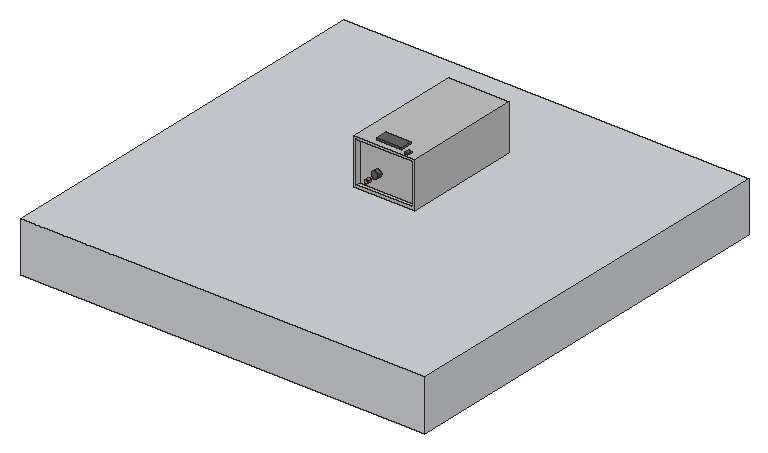
Revit family "Паровой увлажнитель Carel (1 кг-ч - 18 кг-ч)", category Оборудование, Revit 2022
Family settings
  Основа = Грань
  Размер круглого соединителя = Использовать радиус
  Тип детали = Нормальный
  Номер OmniClass = 23.75.50.17.21
  Заголовок OmniClass = Air Humidifiers
  При загрузке вырезать с полостями = Нет
  Сохранять ориентацию аннотаций = Нет
  Общий = Нет
  Точка принадлежности помещению = Нет
Parameters (values of type "UE001")
  Water Pressure Drop [instance] = 0.00 kPa
  Water Flow [instance] = 0.00 m³/h
  Water Fitting Material = Copper - Carel
  Water Fill Vertical Offset = 52.578 mm
  Water Fill Horizontal Offset = 72.644 mm
  Water Fill Connection Radius = Water Connection Size / 2  # 10.00 mm
  Water Drain Vertical Offset = 107.442 mm
  Water Drain Horizontal Offset = 125.476 mm
  Water Drain Connection Radius = Drain Connection NPT / 2  # 20.00 mm
  Water Connection Size = 20.00 mm
  Volume = 0.00 L
  Voltage [instance] = 230 V
  Version = 1
  URL = "http://www.carel.com/"
  Thomas Enterprise Solutions URL = "www.thomasenterprisesolutions.com/"
  Switch Width = 16.47 mm
  Switch Vertical Offset = 31.75 mm
  Switch Horizontal Offset = 63.50 mm
  Switch Height = 25.40 mm
  Switch Depth = 6.35 mm
  Steam Outlet Vertical Offset = 137.922 mm
  Steam Outlet Material = Stainless Steel - Carel
  Steam Outlet Horizontal Offset = 127.00 mm
  Steam Connection Size = 25.00 mm
  Steam Connection Radius = Steam Connection Size / 2  # 12.50 mm
  Steam Capacity (lb/hr) [instance] = 0
  Steam Application [instance] = ""
  Series = "humiSteam"
  Product Page URL = "http://www.carelusa.com/humisteamUEX.htm"
  Phase [instance] = 1
  Overall Width = 274.32 mm
  Overall Length = 365.76 mm
  Overall Height = 711.20 mm
  Operating Weight = 41.90 lbf
  Number of Poles [instance] = 2
  Группа модели = "UE001"
  Model = "UE001"
  Minimum Steam Capacity (lb/hr) = 0.66
  Minimum Operating Temperature = 1.00 °C
  Maximum Working Pressure = 799.792 kPa
  Maximum Steam Capacity (lb/hr) = 3.3
  Maximum Operating Temperature = 40.00 °C
  Изготовитель = "CAREL"  # constant formula
  Load Classification = HVAC
  Full Load Amps [instance] = Apparent Power / Voltage  # 4.78261 A
  Frequency = 60 Hz
  Entering Water Temperature [instance] = -17.778 °C
  Enclosure Recess Width = Overall Width - 25.40 mm  # 248.92 mm
  Enclosure Recess Length = Overall Length - 25.40 mm  # 340.36 mm
  Enclosure Recess Depth = 25.40 mm
  Enclosure Material = Plastic - Carel - Gray
  ENGworks URL = "http://www.ENGworks.com/"
  Drain Flow [instance] = 0.00 m³/h
  Drain Connection NPT = 40.00 mm
  Описание = "Immersed Electrode Humidifier"
  Default Elevation = 1219.20 mm
  Description = "Immersed Electrode Humidifier"
  Cooling Water Flow [instance] = 0.00 m³/h
  Control Panel Vertical Offset = Overall Height * 0.1  # 71.12 mm
  Control Panel Material = Plastic - Carel - Black
  Control Panel Length = 150.019 mm
  Control Panel Height = 70.048 mm
  Control Panel Depth = 12.70 mm
  Condensate Connection Vertical Offset = 21.59 mm
  Condensate Connection Size = 32.00 mm
  Condensate Connection Radius = Condensate Connection Size / 2  # 16.00 mm
  Condensate Connection Horizontal Offset = 224.028 mm
  Condensate Connection Height = 25.40 mm
  Код по классификатору = "D3090200"
  Apparent Power [instance] = 1.1 kW
Types (9, lengths in mm): name | Steam Connection Size | Steam Connection Radius | Operating Weight | Model | Minimum Steam Capacity (lb/hr) | Maximum Steam Capacity (lb/hr) | Full Load Amps | Apparent Power
  (no name) | 25.00 | 12.50 | 41.90 lbf | "UE001" | 0.66 | 3.3 | 4.78261 A | 1.1 kW
  UE001 | 25.00 | 12.50 | 41.90 lbf | "UE001" | 0.66 | 3.3 | 4.78261 A | 1.1 kW
  UE003 | 25.00 | 12.50 | 41.90 lbf | "UE003" | 1.32 | 6.6 | 9.56522 A | 2.2 kW
  UE005 | 32.00 | 16.00 | 41.90 lbf | "UE005" | 2.2 | 11 | 16.087 A | 3.7 kW
  UE008 | 32.00 | 16.00 | 41.90 lbf | "UE008" | 3.52 | 17.6 | 26.087 A | 6 kW
  UE009 | 32.00 | 16.00 | 59.50 lbf | "UE009" | 3.96 | 19.8 | 29.1304 A | 6.7 kW
  UE010 | 32.00 | 16.00 | 59.50 lbf | "UE010" | 4.4 | 22 | 32.6087 A | 7.5 kW
  UE015 | 32.00 | 16.00 | 59.50 lbf | "UE015" | 6.6 | 33 | 48.6957 A | 11.2 kW
  UE018 | 32.00 | 16.00 | 59.50 lbf | "UE018" | 7.94 | 39.7 | 58.6957 A | 13.5 kW
Reference planes
  plane 1 "Center (Front/Back)": y = 0
  plane 2: z = 0
  plane 3 "Center (Left/Right)": x = 0
  plane 4: y = 711.2
  plane 5: x = -182.88
  plane 6: x = 182.88
  plane 7: z = 274.32
  plane 8: y = 25.4
  plane 9: x = -170.18
  plane 10: x = 170.18
  plane 11: z = 137.16
  plane 12: z = 261.62
  plane 13: z = 12.7
  plane 14: y = 685.8
  plane 15: x = -170.18
  plane 16: x = 170.18
  plane 17: z = 137.16
  plane 18: z = 261.62
  plane 19: z = 12.7
  plane 20: z = 287.02
  plane 21: y = 71.12
  plane 22: y = 106.144
  plane 23: y = 36.096
  plane 24: x = -75.009
  plane 25: x = 75.009
  plane 26: z = 280.67
  plane 27: x = 119.38
  plane 28: y = 31.75
  plane 29: y = 44.45
  plane 30: y = 19.05
  plane 31: x = 119.38
  plane 32: x = 111.145
  plane 33: x = 127.615
  plane 34: y = 685.8
  plane 35: x = -55.88
  plane 36: x = -55.88
  plane 37: z = 136.398
  plane 38: y = 685.8
  plane 39: y = 711.2
  plane 40: x = 41.148
  plane 41: x = 41.148
  plane 42: z = 21.59
  plane 43: y = 25.4
  plane 44: x = -110.236
  plane 45: x = -110.236
  plane 46: z = 52.578
  plane 47: y = 25.4
  plane 48: x = -57.404
  plane 49: x = -57.404
  plane 50: z = 107.442
  plane 51: y = 673.1
  plane 52: y = 673.1
Forms (mm)
  Extrusion 1, solid
    sketch origin (0, 0, 0) x (1, 0, 0) y (0, 1, 0)
      loop
        line (-1219.2, 1219.2) -> (-1219.2, -1219.2) -> (1219.2, -1219.2) -> (1219.2, 1219.2) -> (-1219.2, 1219.2)
    from 0 to -304.8
  Sweep 2, solid, material "Plastic - Carel - Gray" <- "Enclosure Material"
    path origin (0, 0, 0) x (1, 0, 0) y (0, 0, 1)
      loop
        line (0, 0) -> (0, 274.32)
    profile origin (0, 0, 137.16) x (-1, 0, 0) y (0, -1, 0)
      loop
        line (182.88, -711.2) -> (182.88, 0) -> (-182.88, 0) -> (-182.88, -711.2) -> (182.88, -711.2)
  Sweep 3, void
    path origin (0, 0, 0) x (1, 0, 0) y (0, 1, 0)
      loop
        line (0, 0) -> (0, 25.4)
    profile origin (0, 12.7, 0) x (-1, 0, 0) y (0, 0, 1)
      loop
        line (170.18, 261.62) -> (-170.18, 261.62) -> (-170.18, 12.7) -> (170.18, 12.7) -> (170.18, 261.62)
  Sweep 4, void
    path origin (0, 0, 0) x (1, 0, 0) y (0, 1, 0)
      loop
        line (0, 685.8) -> (0, 711.2)
    profile origin (0, 698.5, 0) x (-1, 0, 0) y (0, 0, 1)
      loop
        line (170.18, 261.62) -> (-170.18, 261.62) -> (-170.18, 12.7) -> (170.18, 12.7) -> (170.18, 261.62)
  Sweep 5, solid, material "Plastic - Carel - Black" <- "Control Panel Material"
    path origin (0, 0, 0) x (1, 0, 0) y (0, 0, 1)
      loop
        line (0, 274.32) -> (0, 287.02)
    profile origin (0, 0, 280.67) x (-1, 0, 0) y (0, -1, 0)
      loop
        line (75.009, -106.144) -> (75.009, -36.096) -> (-75.009, -36.096) -> (-75.009, -106.144) -> (75.009, -106.144)
  Sweep 6, solid, material "Plastic - Carel - Black" <- "Control Panel Material"
    path origin (0, 0, 0) x (1, 0, 0) y (0, 0, 1)
      loop
        line (119.38, 280.67) -> (119.38, 274.32)
    profile origin (119.38, 0, 277.495) x (0, -1, 0) y (1, 0, 0)
      loop
        line (-44.45, -8.235) -> (-19.05, -8.235) -> (-19.05, 8.235) -> (-44.45, 8.235) -> (-44.45, -8.235)
  Sweep 7, solid, detail levels fine
    path origin (0, 0, 0) x (1, 0, 0) y (0, 1, 0)
      loop
        line (-55.88, 673.1) -> (-55.88, 685.8)
    profile origin (-55.88, 679.45, 0) x (-1, 0, 0) y (0, 0, 1)
      loop
        circle (0, 136.398) r 12.5
  Sweep 8, solid, detail levels fine
    path origin (0, 0, 0) x (1, 0, 0) y (0, 1, 0)
      loop
        line (41.148, 685.8) -> (41.148, 673.1)
    profile origin (41.148, 679.45, 0) x (1, 0, 0) y (0, 0, 1)
      loop
        circle (0, 21.59) r 16
  Sweep 9, solid, material "Copper - Carel" <- "Water Fitting Material"
    path origin (0, 0, 0) x (1, 0, 0) y (0, 1, 0)
      loop
        line (-110.236, 25.4) -> (-110.236, 0)
    profile origin (-110.236, 12.7, 0) x (1, 0, 0) y (0, 0, 1)
      loop
        circle (0, 52.578) r 10
  Sweep 10, solid, material "Plastic - Carel - Black" <- "Control Panel Material"
    path origin (0, 0, 0) x (1, 0, 0) y (0, 1, 0)
      loop
        line (-57.404, 0) -> (-57.404, 25.4)
    profile origin (-57.404, 12.7, 0) x (-1, 0, 0) y (0, 0, 1)
      loop
        circle (0, 107.441) r 20
Cuts and joins
  Sweep 3, Sweep 4 cuts Sweep 2
Dimensions and locks
  "Overall Height": plane 1 "Center (Front/Back)" to plane 4
  equal spacing: plane 5, plane 3 "Center (Left/Right)", plane 6
  "Overall Length": plane 5 to plane 6
  "Overall Width": plane 7 to plane 2
  "Enclosure Recess Depth": plane 1 "Center (Front/Back)" to plane 8
  equal spacing: plane 10, plane 3 "Center (Left/Right)", plane 9
  "Enclosure Recess Length": plane 10 to plane 9
  equal spacing: plane 12, plane 11, plane 13
  equal spacing: plane 7, plane 11, plane 2
  "Enclosure Recess Width": plane 12 to plane 13
  "Enclosure Recess Depth": plane 4 to plane 14
  equal spacing: plane 16, plane 3 "Center (Left/Right)", plane 15
  "Enclosure Recess Length": plane 16 to plane 15
  equal spacing: plane 18, plane 17, plane 19
  equal spacing: plane 7, plane 17, plane 2
  "Enclosure Recess Width": plane 18 to plane 19
  "Control Panel Depth": plane 20 to plane 7
  equal spacing: plane 22, plane 21, plane 23
  "Control Panel Vertical Offset": plane 1 "Center (Front/Back)" to plane 21
  "Control Panel Height": plane 22 to plane 23
  equal spacing: plane 24, plane 3 "Center (Left/Right)", plane 25
  "Control Panel Length": plane 24 to plane 25
  "Switch Depth": plane 26 to plane 7
  "Switch Horizontal Offset": plane 6 to plane 27
  equal spacing: plane 29, plane 28, plane 30
  "Switch Vertical Offset": plane 1 "Center (Front/Back)" to plane 28
  "Switch Height": plane 29 to plane 30
  equal spacing: plane 32, plane 31, plane 33
  "Switch Horizontal Offset": plane 31 to plane 6
  "Switch Width": plane 32 to plane 33
  "Enclosure Recess Depth": plane 4 to plane 34
  "Steam Outlet Horizontal Offset": plane 5 to plane 35
  "Steam Outlet Horizontal Offset": plane 36 to plane 5
  "Steam Outlet Vertical Offset": plane 7 to plane 37
  locked: plane 36 to Sweep 7 sketch curve
  locked: plane 37 to Sweep 7 sketch curve
  "Enclosure Recess Depth": plane 4 to plane 38
  "Condensate Connection Height": plane 39 to plane 38
  "Condensate Connection Horizontal Offset": plane 5 to plane 40
  "Condensate Connection Horizontal Offset": plane 5 to plane 41
  "Condensate Connection Vertical Offset": plane 42 to plane 2
  locked: plane 41 to Sweep 8 sketch curve
  locked: plane 42 to Sweep 8 sketch curve
  "Enclosure Recess Depth": plane 1 "Center (Front/Back)" to plane 43
  "Water Fill Horizontal Offset": plane 5 to plane 44
  "Water Fill Horizontal Offset": plane 45 to plane 5
  "Water Fill Vertical Offset": plane 46 to plane 2
  locked: plane 45 to Sweep 9 sketch curve
  locked: plane 46 to Sweep 9 sketch curve
  "Enclosure Recess Depth": plane 1 "Center (Front/Back)" to plane 47
  "Water Drain Horizontal Offset": plane 5 to plane 48
  "Water Drain Vertical Offset": plane 50 to plane 2
  "Water Drain Horizontal Offset": plane 49 to plane 5
  locked: plane 49 to Sweep 10 sketch curve
  locked: plane 50 to Sweep 10 sketch curve at 0.001
  locked: plane 38 to plane 51 at 12.7
  locked: plane 34 to plane 52 at 12.7
  "Steam Connection Radius": radius of Sweep 7 sketch curve
  "Condensate Connection Radius": radius of Sweep 8 sketch curve
  "Water Fill Connection Radius": radius of Sweep 9 sketch curve
  "Water Drain Connection Radius": radius of Sweep 10 sketch curve
  aligned and locked: plane 2 to Extrusion 1
  aligned and locked: level to Extrusion 1
  aligned and locked: plane 7 to Sweep 2 sketch curve
  aligned and locked: plane 2 to Sweep 2 sketch curve
  aligned and locked: plane 3 "Center (Left/Right)" to Sweep 2 sketch curve
  aligned and locked: plane 5 to Sweep 2 sketch curve
  aligned and locked: Sweep 2 sketch curve to plane 4
  aligned and locked: Sweep 2 sketch curve to plane 6
  aligned and locked: Sweep 2 sketch curve to plane 1 "Center (Front/Back)"
  aligned and locked: plane 1 "Center (Front/Back)" to Sweep 3 sketch curve
  aligned and locked: plane 8 to Sweep 3 sketch curve
  aligned and locked: plane 3 "Center (Left/Right)" to Sweep 3 sketch curve
  aligned and locked: plane 9 to Sweep 3 sketch curve
  aligned and locked: Sweep 3 sketch curve to plane 12
  aligned and locked: Sweep 3 sketch curve to plane 10
  aligned and locked: plane 13 to Sweep 3 sketch curve
  aligned and locked: plane 4 to Sweep 4 sketch curve
  aligned and locked: plane 14 to Sweep 4 sketch curve
  aligned and locked: plane 3 "Center (Left/Right)" to Sweep 4 sketch curve
  aligned and locked: plane 15 to Sweep 4 sketch curve
  aligned and locked: Sweep 4 sketch curve to plane 18
  aligned and locked: Sweep 4 sketch curve to plane 16
  aligned and locked: plane 19 to Sweep 4 sketch curve
  aligned and locked: plane 7 to Sweep 5 sketch curve
  aligned and locked: plane 20 to Sweep 5 sketch curve
  aligned and locked: plane 3 "Center (Left/Right)" to Sweep 5 sketch curve
  aligned and locked: plane 24 to Sweep 5 sketch curve
  aligned and locked: Sweep 5 sketch curve to plane 22
  aligned and locked: Sweep 5 sketch curve to plane 25
  aligned and locked: plane 23 to Sweep 5 sketch curve
  aligned and locked: plane 7 to Sweep 6 sketch curve
  aligned and locked: plane 26 to Sweep 6 sketch curve
  aligned and locked: Sweep 6 sketch curve to plane 27
  aligned and locked: Sweep 6 sketch curve to plane 29
  aligned and locked: plane 32 to Sweep 6 sketch curve
  aligned and locked: Sweep 6 sketch curve to plane 33
  aligned and locked: plane 30 to Sweep 6 sketch curve
  aligned and locked: plane 35 to Sweep 7 sketch curve
  aligned and locked: plane 38 to Sweep 8 sketch curve
  aligned and locked: plane 40 to Sweep 8 sketch curve
  aligned and locked: plane 1 "Center (Front/Back)" to Sweep 9 sketch curve
  aligned and locked: plane 43 to Sweep 9 sketch curve
  aligned and locked: Sweep 9 sketch curve to plane 44
  aligned and locked: plane 47 to Sweep 10 sketch curve
  aligned and locked: plane 1 "Center (Front/Back)" to Sweep 10 sketch curve
  aligned and locked: plane 48 to Sweep 10 sketch curve
  aligned and locked: plane 51 to Sweep 8 sketch curve
  aligned and locked: plane 52 to Sweep 7 sketch curve
  aligned and locked: plane 34 to Sweep 7 sketch curve
Automatic sketch dimensions
  Extrusion 1 sketch curve to Extrusion 1 sketch curve = 2438.40 mm  (x2)
Connectors
  piping at (-110.236, 0, 52.578), diameter 20, driven by "Water Fill Connection Radius", driven by "Water Flow"
    settings: on Sweep 9, index 1, connector inside diameter 19.05 mm, connector length 0.00 mm, flow factor 0, pipe flow 0.00 m³/h, pressure drop 0.00 kPa, fitting loss kfactor 0, connector angle 0.00°, fixture units 0, engagement length 0.00 mm, angle of deflection 0.00°, flow configuration 1, flow direction 1, fitting loss method 4, system type 20, joint type 0, gender type 0, connector reference index -1, connector utility 0, adjustable connector no, is connector primary yes, connector description "Water Inlet Connection"
  piping at (-57.404, 0, 107.441), diameter 40, driven by "Water Drain Connection Radius", driven by "Drain Flow"
    settings: on Sweep 10, index 2, connector inside diameter 40.68 mm, connector length 0.00 mm, flow factor 0, pipe flow 0.00 m³/h, pressure drop 0.00 kPa, fitting loss kfactor 0, connector angle 0.00°, fixture units 0, engagement length 0.00 mm, angle of deflection 0.00°, flow configuration 1, flow direction 2, fitting loss method 0, system type 16, joint type 0, gender type 0, connector reference index -1, connector utility 0, adjustable connector no, is connector primary no, connector description "Drain Outlet Connection"
  piping at (-55.88, 685.8, 136.398), diameter 25, driven by "Steam Connection Radius"
    settings: on Sweep 7, index 3, connector inside diameter 22.82 mm, connector length 0.00 mm, flow factor 0, pipe flow 0.00 m³/h, pressure drop 0.00 kPa, fitting loss kfactor 0, connector angle 0.00°, fixture units 0, engagement length 0.00 mm, angle of deflection 0.00°, flow configuration 1, flow direction 2, fitting loss method 0, system type 22, joint type 0, gender type 0, connector reference index -1, connector utility 0, adjustable connector no, is connector primary no, connector description "Steam Outlet Connection"
  electrical at (0, 355.6, 274.32), driven by "Number of Poles", driven by "Load Classification", driven by "Voltage", driven by "Apparent Power"
    settings: on cut or joined group of Sweep 2, Sweep 3, Sweep 4, index 4, voltage 230 V, apparent load 1.1 kW, apparent load phase1 0 kW, apparent load phase2 0 kW, apparent load phase3 0 kW, power factor 1, load classification "HVAC", number of poles 2, system type 30, power factor state 1, is connector primary yes, connector utility no, sub classification motor no, connector description "Power Connection"
  piping at (41.148, 685.8, 21.59), diameter 32, driven by "Condensate Connection Radius"
    settings: on Sweep 8, index 5, connector inside diameter 9.525 mm, connector length 0.00 mm, flow factor 0, pipe flow 0.00 m³/h, pressure drop 0.00 kPa, fitting loss kfactor 0, connector angle 0.00°, fixture units 0, engagement length 0.00 mm, angle of deflection 0.00°, flow configuration 1, flow direction 1, fitting loss method 4, system type 20, joint type 0, gender type 0, connector reference index -1, connector utility 0, adjustable connector no, is connector primary no, connector description "Condensate Connection"
